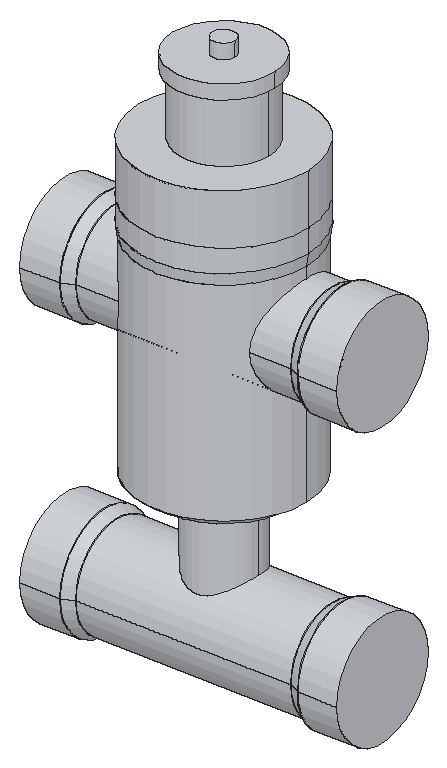
Revit family "VTX26P_DN20_PN16_RFA_2019", category Pipe Accessories, Revit 2019
Family settings
  Round Connector Dimension = Use Diameter
  Part Type = Valve - Breaks Into
  Work Plane-Based = No
  Always vertical = Yes
  Cut with Voids When Loaded = No
  Shared = No
Parameters (values of type "VTX26P G3/4  PN16 kvs6,0")
  magiProductId = ""
  magiProductFamilyId = ""
  magiPartTypeId = 306
  isMeasuringValve [instance] = no
  ang2D [instance] = 0.00°
  Z8 = 4 mm
  Z7__ve = -Z7  # -2.5 mm
  Z7 = 2.5 mm
  Z5 = 9.1 mm
  Z3 = 2 mm
  Z2 = 17.5 mm
  X4__ve = -X4  # -7 mm
  X4 = 7 mm
  X3 = 38 mm
  W2D = 15 mm
  VersionID = ""
  Use Minimum Symbol Size [instance] = yes
  URL = "www.hydronix.cz"
  Type Comments = "Závitový, vnější závit, ploché těsnění; LIN charakteristika; PN16; +5~+95°C; max.rychlost proudění 3,0 m/s"
  R9 = 9 mm
  R8 = 2 mm
  R7 = 15 mm
  R6 = 11.76 mm
  R5 = 7.409 mm
  R4 = 6.174 mm
  R2 = 14.7 mm
  R10 = 8 mm
  R1 = 9 mm
  QmdConnectorList = "301;D;302;D"
  Productdata [instance] = ""
  Manufacturer = "Hydronix"
  MC2 = yes
  MC Product Code = "VTX26P (G3/4\"; dpmax A-AB=100kPa;  dpmax B-AB=40kPa; kvs 6,0)"
  MC = no
  LT2 = 21 mm
  L2D_Min = 3048 mm
  L2D = 38 mm
  H1 = 37.4 mm
  H = 26 mm
  E = 16 mm
  Description = "3 cestný regulační ventil malých spotřebičů s obtokem, DN20; zdvih 2,5mm; max dp A-AB 100kPa; max dp B-AB 40kPa; kvs6,0"
  DT2 = 10 mm
  D = 20 mm
  CAT0 = yes
  C = 50 mm
Types (8, lengths in mm): name | Z5 | Z2 | X3 | R6 | R5 | R4 | R2 | R1 | MC Product Code | LT2 | H1 | H | Description | DT2 | D | C
  VTX09P G1/2  PN16 kvs0,25 | 9.45 | 8.05 | 34 | 10.64 | 6.703 | 5.586 | 13.3 | 6.75 | "VTX09P (G1/2\"; dpmax=250kPa; kvs 0,25)" | 19 | 20.5 | 27 | "3 cestný regulační ventil malých spotřebičů s obtokem, DN15; zdvih 2,5mm; max dp 250kPa; kvs0,25" | 7.5 | 15 | 23
  VTX10P G1/2  PN16 kvs0,4 | 9.45 | 8.05 | 34 | 10.64 | 6.703 | 5.586 | 13.3 | 6.75 | "VTX10P (G1/2\"; dpmax=250kPa; kvs 0,4)" | 19 | 20.5 | 27 | "3 cestný regulační ventil malých spotřebičů s obtokem, DN15; zdvih 2,5mm; max dp 250kPa; kvs0,4" | 7.5 | 15 | 23
  VTX12P G1/2  PN16 kvs1,0 | 9.45 | 8.05 | 34 | 10.64 | 6.703 | 5.586 | 13.3 | 6.75 | "VTX12P (G1/2\"; dpmax=250kPa; kvs 1,0)" | 19 | 20.5 | 27 | "3 cestný regulační ventil malých spotřebičů s obtokem, DN15; zdvih 2,5mm; max dp 250kPa; kvs1,0" | 7.5 | 15 | 23
  VTX13P G1/2  PN16 kvs1,6 | 9.45 | 8.05 | 34 | 10.64 | 6.703 | 5.586 | 13.3 | 6.75 | "VTX13P (G1/2\"; dpmax=250kPa; kvs 1,6)" | 19 | 20.5 | 27 | "3 cestný regulační ventil malých spotřebičů s obtokem, DN15; zdvih 2,5mm; max dp 250kPa; kvs1,6" | 7.5 | 15 | 23
  VTX21P G3/4  PN16 kvs2,5 | 9.1 | 17.5 | 38 | 11.76 | 7.409 | 6.174 | 14.7 | 9 | "VTX21P (G3/4\"; dpmax=150kPa; kvs 2,5)" | 21 | 37.4 | 26 | "3 cestný regulační ventil malých spotřebičů s obtokem, DN20; zdvih 2,5mm; max dp 150kPa; kvs2,5" | 10 | 20 | 50
  VTX24P G3/4  PN16 kvs4,0 | 9.1 | 17.5 | 38 | 11.76 | 7.409 | 6.174 | 14.7 | 9 | "VTX24P (G3/4\"; dpmax A-AB=100kPa;  dpmax B-AB=40kPa;  kvs 4,0)" | 21 | 37.4 | 26 | "3 cestný regulační ventil malých spotřebičů s obtokem, DN20; zdvih 2,5mm; max dp A-AB 100kPa; max dp B-AB 40kPa; kvs4,0" | 10 | 20 | 50
  VTX26P G3/4  PN16 kvs6,0 | 9.1 | 17.5 | 38 | 11.76 | 7.409 | 6.174 | 14.7 | 9 | "VTX26P (G3/4\"; dpmax A-AB=100kPa;  dpmax B-AB=40kPa; kvs 6,0)" | 21 | 37.4 | 26 | "3 cestný regulační ventil malých spotřebičů s obtokem, DN20; zdvih 2,5mm; max dp A-AB 100kPa; max dp B-AB 40kPa; kvs6,0" | 10 | 20 | 50
  VTX11P G1/2  PN16 kvs0,6 | 9.45 | 8.05 | 34 | 10.64 | 6.703 | 5.586 | 13.3 | 6.75 | "VTX11P (G1/2\"; dpmax=250kPa; kvs 0,6)" | 19 | 20.5 | 27 | "3 cestný regulační ventil malých spotřebičů s obtokem, DN15; zdvih 2,5mm; max dp 250kPa; kvs0,6" | 7.5 | 15 | 23
Reference planes
  plane 1 "Center (Front/Back)": y = 0
  plane 2 "XYPLANE": z = 0
  plane 3 "Center (Left/Right)": x = 0
  plane 4 "271": z = 37
  plane 5 "254": z = 10.9
  plane 6 "253": z = 16.9
  plane 7 "148": z = 39.5
  plane 8 "132": z = 42
  plane 9 "62": z = 12.9
  plane 10 "53": z = 26
  plane 11 "52": z = -26.5
  plane 12 "48": z = -28.5
  plane 13 "47": z = -30.5
  plane 14 "38": z = -48
  plane 15 "37": x = 19
  plane 16 "36": x = 21
  plane 17 "23": z = -50
  plane 18 "19": x = -19
  plane 19 "15": x = -21
  plane 20 "6": x = 28
  plane 21 "5": x = -28
  plane 22 "3": z = 0
  plane 23 "2": y = 0
  plane 24 "1": x = 0
Forms (mm)
  Extrusion 1, solid
    sketch origin (-19, -750, 0) x (0, 1, 0) y (0, 0, 1)
      loop
        circle (750, -50) r 9
    from 0 to 38 <- "X3"
  Blend 2, solid
    base sketch origin (21, -750, 0) x (0, 1, 0) y (0, 0, 1)
      loop
        circle (750, -50) r 10
    top sketch origin (21, -750, 0) x (0, 1, 0) y (0, 0, 1)
      loop
        circle (750, -50) r 9
    from 0 to -2
  Extrusion 3, solid
    sketch origin (28, -750, 0) x (0, 1, 0) y (0, 0, 1)
      loop
        circle (750, -50) r 10
    from 0 to -7 <- "X4__ve"
  Extrusion 4, solid
    sketch origin (-28, -750, 0) x (0, 1, 0) y (0, 0, 1)
      loop
        circle (750, -50) r 10
    from 0 to 7 <- "X4"
  Blend 5, solid
    base sketch origin (-21, -750, 0) x (0, 1, 0) y (0, 0, 1)
      loop
        circle (750, -50) r 10
    top sketch origin (-21, -750, 0) x (0, 1, 0) y (0, 0, 1)
      loop
        circle (750, -50) r 9
    from 0 to 2
  Extrusion 6, solid, visible <- "CAT0"
    sketch origin (-750, 0, 42) x (1, 0, 0) y (0, 1, 0)
      loop
        circle (750, 0) r 2
    from 0 to -2.5 <- "Z7__ve"
  Extrusion 7, solid, visible <- "CAT0"
    sketch origin (-750, 0, 37) x (1, 0, 0) y (0, 1, 0)
      loop
        circle (750, 0) r 8
    from 0 to -19
  Extrusion 8, solid, visible <- "CAT0"
    sketch origin (-19, -750, 0) x (0, 1, 0) y (0, 0, 1)
      loop
        circle (750, 0) r 9
    from 0 to 38 <- "X3"
  Extrusion 9, solid
    sketch origin (-750, 0, 12.9) x (1, 0, 0) y (0, 1, 0)
      loop
        circle (750, 0) r 15
    from 0 to 4 <- "Z8"
  Extrusion 10, solid
    sketch origin (-750, 0, 39.5) x (1, 0, 0) y (0, 1, 0)
      loop
        circle (750, 0) r 9
    from 0 to -2.5 <- "Z7__ve"
  Extrusion 11, solid
    sketch origin (-750, 0, 16.9) x (1, 0, 0) y (0, 1, 0)
      loop
        circle (750, 0) r 15
    from 0 to 9.1 <- "Z5"
  Blend 12, solid
    base sketch origin (-750, 0, 10.9) x (1, 0, 0) y (0, 1, 0)
      loop
        circle (750, 0) r 14.7
    top sketch origin (-750, 0, 10.9) x (1, 0, 0) y (0, 1, 0)
      loop
        circle (750, 0) r 15
    from 0 to 2
  Blend 13, solid
    base sketch origin (-750, 0, -26.5) x (1, 0, 0) y (0, 1, 0)
      loop
        circle (750, 0) r 14.7
    top sketch origin (-750, 0, -26.5) x (1, 0, 0) y (0, 1, 0)
      loop
        circle (750, 0) r 11.76
    from 0 to -2
  Blend 14, solid
    base sketch origin (-750, 0, -28.5) x (1, 0, 0) y (0, 1, 0)
      loop
        circle (750, 0) r 7.409
    top sketch origin (-750, 0, -28.5) x (1, 0, 0) y (0, 1, 0)
      loop
        circle (750, 0) r 6.174
    from 0 to -2
  Extrusion 15, solid
    sketch origin (-750, 0, -48) x (1, 0, 0) y (0, 1, 0)
      loop
        circle (750, 0) r 6.174
    from 0 to 17.5 <- "Z2"
  Extrusion 16, solid
    sketch origin (28, -750, 0) x (0, 1, 0) y (0, 0, 1)
      loop
        circle (750, 0) r 10
    from 0 to -7 <- "X4__ve"
  Blend 17, solid
    base sketch origin (21, -750, 0) x (0, 1, 0) y (0, 0, 1)
      loop
        circle (750, 0) r 10
    top sketch origin (21, -750, 0) x (0, 1, 0) y (0, 0, 1)
      loop
        circle (750, 0) r 9
    from 0 to -2
  Extrusion 18, solid
    sketch origin (-750, 0, -26.5) x (1, 0, 0) y (0, 1, 0)
      loop
        circle (750, 0) r 14.7
    from 0 to 37.4 <- "H1"
  Blend 19, solid
    base sketch origin (-21, -750, 0) x (0, 1, 0) y (0, 0, 1)
      loop
        circle (750, 0) r 10
    top sketch origin (-21, -750, 0) x (0, 1, 0) y (0, 0, 1)
      loop
        circle (750, 0) r 9
    from 0 to 2
  Extrusion 20, solid
    sketch origin (-28, -750, 0) x (0, 1, 0) y (0, 0, 1)
      loop
        circle (750, 0) r 10
    from 0 to 7 <- "X4"
  Extrusion 21, solid, not visible
    sketch origin (21, -750, 0) x (0, 1, 0) y (0, 0, 1)
      loop
        circle (750, 0) r 10
    from 0 to -10
  Extrusion 22, solid, not visible
    sketch origin (-21, -750, 0) x (0, 1, 0) y (0, 0, 1)
      loop
        circle (750, 0) r 10
    from 0 to 10
Lines and regions (mm)
  reference lines, not visible
    curve 1: circle (2, 2, 0) r 1 normal (0, 0, 1)
Dimensions and locks
  plane 1 "Center (Front/Back)" to curve 1 = 2 mm
  "Z7": plane 7 "148" to plane 4 "271"
  "Z3": plane 9 "62" to plane 5 "254"
  "Z5": plane 10 "53" to plane 6 "253"
  "Z7": plane 8 "132" to plane 7 "148"
  "E": plane 10 "53" to plane 8 "132"
  "Z8": plane 6 "253" to plane 9 "62"
  "H": plane 2 "XYPLANE" to plane 10 "53"
  "Z3": plane 12 "48" to plane 11 "52"
  "Z3": plane 13 "47" to plane 12 "48"
  "Z2": plane 14 "38" to plane 13 "47"
  "Z3": plane 17 "23" to plane 14 "38"
  locked: plane 16 "36" to plane 15 "37" at 2
  "LT2": plane 3 "Center (Left/Right)" to plane 16 "36"
  "C": plane 2 "XYPLANE" to plane 17 "23"
  locked: plane 19 "15" to plane 18 "19" at 2
  "LT2": plane 3 "Center (Left/Right)" to plane 19 "15"
  "X4": plane 16 "36" to plane 20 "6"
  "X4": plane 19 "15" to plane 21 "5"
  locked: plane 2 "XYPLANE" to plane 22 "3"
  locked: plane 1 "Center (Front/Back)" to plane 23 "2"
  locked: plane 3 "Center (Left/Right)" to plane 24 "1"
  "R1": radius of Extrusion 1 sketch curve
  "R1": radius of Blend 2 sketch curve
  "DT2": radius of Blend 2 sketch curve
  "DT2": radius of Extrusion 3 sketch curve
  "DT2": radius of Extrusion 4 sketch curve
  "R1": radius of Blend 5 sketch curve
  "DT2": radius of Blend 5 sketch curve
  "R8": radius of Extrusion 6 sketch curve
  "R10": radius of Extrusion 7 sketch curve
  "R1": radius of Extrusion 8 sketch curve
  "R7": radius of Extrusion 9 sketch curve
  "R9": radius of Extrusion 10 sketch curve
  "R7": radius of Extrusion 11 sketch curve
  "R7": radius of Blend 12 sketch curve
  "R2": radius of Blend 12 sketch curve
  "R6": radius of Blend 13 sketch curve
  "R2": radius of Blend 13 sketch curve
  "R4": radius of Blend 14 sketch curve
  "R5": radius of Blend 14 sketch curve
  "R4": radius of Extrusion 15 sketch curve
  "DT2": radius of Extrusion 16 sketch curve
  "R1": radius of Blend 17 sketch curve
  "DT2": radius of Blend 17 sketch curve
  "R2": radius of Extrusion 18 sketch curve
  "R1": radius of Blend 19 sketch curve
  "DT2": radius of Blend 19 sketch curve
  "DT2": radius of Extrusion 20 sketch curve
  aligned and locked: level to plane 2 "XYPLANE"
  aligned and locked: plane 17 "23" to Extrusion 1 sketch curve
  aligned and locked: Extrusion 1 sketch curve to plane 23 "2"
  aligned and locked: plane 17 "23" to Blend 2 sketch curve  (x2)
  aligned and locked: Blend 2 sketch curve to plane 23 "2"  (x2)
  aligned and locked: Blend 2 to plane 15 "37"
  aligned and locked: plane 17 "23" to Extrusion 3 sketch curve
  aligned and locked: Extrusion 3 sketch curve to plane 23 "2"
  aligned and locked: plane 17 "23" to Extrusion 4 sketch curve
  aligned and locked: Extrusion 4 sketch curve to plane 23 "2"
  aligned and locked: plane 17 "23" to Blend 5 sketch curve  (x2)
  aligned and locked: Blend 5 sketch curve to plane 23 "2"  (x2)
  aligned and locked: plane 18 "19" to Blend 5
  aligned and locked: plane 23 "2" to Extrusion 6 sketch curve
  aligned and locked: plane 24 "1" to Extrusion 6 sketch curve
  aligned and locked: plane 23 "2" to Extrusion 7 sketch curve
  aligned and locked: plane 24 "1" to Extrusion 7 sketch curve
  aligned and locked: plane 22 "3" to Extrusion 8 sketch curve
  aligned and locked: Extrusion 8 sketch curve to plane 23 "2"
  aligned and locked: plane 23 "2" to Extrusion 9 sketch curve
  aligned and locked: plane 24 "1" to Extrusion 9 sketch curve
  aligned and locked: plane 23 "2" to Extrusion 10 sketch curve
  aligned and locked: plane 24 "1" to Extrusion 10 sketch curve
  aligned and locked: plane 23 "2" to Extrusion 11 sketch curve
  aligned and locked: plane 24 "1" to Extrusion 11 sketch curve
  aligned and locked: plane 23 "2" to Blend 12 sketch curve  (x2)
  aligned and locked: plane 24 "1" to Blend 12 sketch curve  (x2)
  aligned and locked: plane 9 "62" to Blend 12
  aligned and locked: plane 23 "2" to Blend 13 sketch curve  (x2)
  aligned and locked: plane 24 "1" to Blend 13 sketch curve  (x2)
  aligned and locked: Blend 13 to plane 12 "48"
  aligned and locked: plane 23 "2" to Blend 14 sketch curve  (x2)
  aligned and locked: plane 24 "1" to Blend 14 sketch curve  (x2)
  aligned and locked: Blend 14 to plane 13 "47"
  aligned and locked: plane 23 "2" to Extrusion 15 sketch curve
  aligned and locked: plane 24 "1" to Extrusion 15 sketch curve
  aligned and locked: plane 22 "3" to Extrusion 16 sketch curve
  aligned and locked: Extrusion 16 sketch curve to plane 23 "2"
  aligned and locked: plane 22 "3" to Blend 17 sketch curve  (x2)
  aligned and locked: Blend 17 sketch curve to plane 23 "2"  (x2)
  aligned and locked: Blend 17 to plane 15 "37"
  aligned and locked: plane 23 "2" to Extrusion 18 sketch curve
  aligned and locked: plane 24 "1" to Extrusion 18 sketch curve
  aligned and locked: plane 22 "3" to Blend 19 sketch curve  (x2)
  aligned and locked: Blend 19 sketch curve to plane 23 "2"  (x2)
  aligned and locked: plane 18 "19" to Blend 19
  aligned and locked: plane 22 "3" to Extrusion 20 sketch curve
  aligned and locked: Extrusion 20 sketch curve to plane 23 "2"
  aligned and locked: plane 22 "3" to Extrusion 21 sketch curve
  aligned and locked: Extrusion 21 sketch curve to plane 23 "2"
  aligned and locked: plane 22 "3" to Extrusion 22 sketch curve
  aligned and locked: Extrusion 22 sketch curve to plane 23 "2"
Automatic sketch dimensions
  plane 1 "Center (Front/Back)" to Extrusion 21 sketch curve = 10 mm
  plane 1 "Center (Front/Back)" to Extrusion 22 sketch curve = 10 mm
  plane 3 "Center (Left/Right)" to curve 1 = 2 mm
  radius of curve 1 = 1 mm
Connectors
  piping at (-21, 0, 0), diameter 20, driven by "D"
    settings: on Extrusion 22, index 1, connector inside diameter 609.6 mm, connector length 0 mm, flow factor 0, pipe flow 0.0 L/s, pressure drop 0.0 Pa, fitting loss kfactor 0, connector angle 0.00°, fixture units 0, engagement length 0 mm, angle of deflection 0.00°, flow configuration 0, flow direction 0, fitting loss method 0, system type 29, joint type 0, gender type 0, connector reference index 2, connector utility 0, adjustable connector no, is connector primary yes, connector description ""
  piping at (21, 0, 0), diameter 20, driven by "D"
    settings: on Extrusion 21, index 2, connector inside diameter 609.6 mm, connector length 0 mm, flow factor 0, pipe flow 0.0 L/s, pressure drop 0.0 Pa, fitting loss kfactor 0, connector angle 0.00°, fixture units 0, engagement length 0 mm, angle of deflection 0.00°, flow configuration 0, flow direction 0, fitting loss method 0, system type 29, joint type 0, gender type 0, connector reference index 1, connector utility 0, adjustable connector no, is connector primary no, connector description ""
